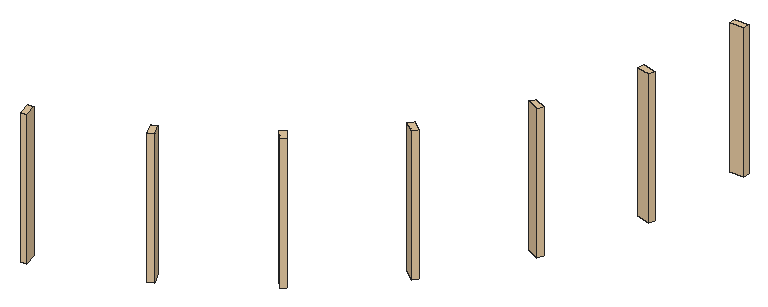
Revit family "Broken - WIP - Radius Stud Assembly", category Generic Models, Revit 2020
Family settings
  Can host rebar = No
  Round Connector Dimension = Use Diameter
  Part Type = Normal
  Work Plane-Based = No
  Always vertical = Yes
  Cut with Voids When Loaded = No
  Shared = No
  Room Calculation Point = No
Parameters
  part angle [instance] = 70.00°
  T_B Plate Depth [instance] = 0' - 1 1/8"
  Stud Radius Angle [instance] = 75.00°
  Stud Radius [instance] = 10' - 0"
  Stud Qty [instance] = 7
  Default Elevation = 0' - 0"
  Beam Height [instance] = 7' - 0"
Reference planes (in)
  plane 1 "Center (Front/Back)": y = 0
  plane 2: z = 0
  plane 3 "Center (Left/Right)": x = 0
  plane 4: x = 120
Dimensions and locks (in)
  "Stud Radius": plane 3 "Center (Left/Right)" to plane 4
  "Stud Radius Angle": angle radial array to radial array
  aligned and locked: plane 2 to level
  aligned and locked: plane 1 "Center (Front/Back)" to radial array
Nested families (in)
  nested 1: "WIP - Radius Stud" at (0, 0, 0) x (0.9659, 0.2588, 0) z (0, 0, 1), Stud Radius <- "Stud Radius", type "Radius Stud"
    with T_B Plate Depth 0' - 1", Stud Radius 10' - 0", Beam Height 3' - 0"
  nested 2: "WIP - Radius Stud Part" at (31.05829, -115.9111, 0) x (0.9659, 0.2588, 0) z (0, 0, 1), type "Radius Stud Part"
    with T_B Plate Depth 0' - 1", Stud Width 0' - 1 1/2", Stud Length 1' - 0", Stud Depth 0' - 3 1/2", Beam Height 3' - 0"
  nested 3: "WIP - Radius Stud" at (0, 0, 0) x (0, 1, 0) z (0, 0, 1), Stud Radius <- "Stud Radius", type "Radius Stud"
    with T_B Plate Depth 0' - 1", Stud Radius 10' - 0", Beam Height 3' - 0"
  nested 4: "WIP - Radius Stud Part" at (120, 0, 0) x (0, 1, 0) z (0, 0, 1), type "Radius Stud Part"
    with T_B Plate Depth 0' - 1", Stud Width 0' - 1 1/2", Stud Length 1' - 0", Stud Depth 0' - 3 1/2", Beam Height 3' - 0"
  nested 5: "WIP - Radius Stud" at (0, 0, 0) x (0.887, 0.4617, 0) z (0, 0, 1), Stud Radius <- "Stud Radius", type "Radius Stud"
    with T_B Plate Depth 0' - 1", Stud Radius 10' - 0", Beam Height 3' - 0"
  nested 6: "WIP - Radius Stud Part" at (55.40983, -106.4413, 0) x (0.887, 0.4617, 0) z (0, 0, 1), type "Radius Stud Part"
    with T_B Plate Depth 0' - 1", Stud Width 0' - 1 1/2", Stud Length 1' - 0", Stud Depth 0' - 3 1/2", Beam Height 3' - 0"
  nested 7: "WIP - Radius Stud" at (0, 0, 0) x (0.766, 0.6428, 0) z (0, 0, 1), Stud Radius <- "Stud Radius", type "Radius Stud"
    with T_B Plate Depth 0' - 1", Stud Radius 10' - 0", Beam Height 3' - 0"
  nested 8: "WIP - Radius Stud Part" at (77.13451, -91.92533, 0) x (0.766, 0.6428, 0) z (0, 0, 1), type "Radius Stud Part"
    with T_B Plate Depth 0' - 1", Stud Width 0' - 1 1/2", Stud Length 1' - 0", Stud Depth 0' - 3 1/2", Beam Height 3' - 0"
  nested 9: "WIP - Radius Stud" at (0, 0, 0) x (0.6088, 0.7934, 0) z (0, 0, 1), Stud Radius <- "Stud Radius", type "Radius Stud"
    with T_B Plate Depth 0' - 1", Stud Radius 10' - 0", Beam Height 3' - 0"
  nested 10: "WIP - Radius Stud Part" at (95.2024, -73.05137, 0) x (0.6088, 0.7934, 0) z (0, 0, 1), type "Radius Stud Part"
    with T_B Plate Depth 0' - 1", Stud Width 0' - 1 1/2", Stud Length 1' - 0", Stud Depth 0' - 3 1/2", Beam Height 3' - 0"
  nested 11: "WIP - Radius Stud" at (0, 0, 0) x (0.4226, 0.9063, 0) z (0, 0, 1), Stud Radius <- "Stud Radius", type "Radius Stud"
    with T_B Plate Depth 0' - 1", Stud Radius 10' - 0", Beam Height 3' - 0"
  nested 12: "WIP - Radius Stud Part" at (108.75693, -50.71419, 0) x (0.4226, 0.9063, 0) z (0, 0, 1), type "Radius Stud Part"
    with T_B Plate Depth 0' - 1", Stud Width 0' - 1 1/2", Stud Length 1' - 0", Stud Depth 0' - 3 1/2", Beam Height 3' - 0"
  nested 13: "WIP - Radius Stud" at (0, 0, 0) x (0.2164, 0.9763, 0) z (0, 0, 1), Stud Radius <- "Stud Radius", type "Radius Stud"
    with T_B Plate Depth 0' - 1", Stud Radius 10' - 0", Beam Height 3' - 0"
  nested 14: "WIP - Radius Stud Part" at (117.15552, -25.97275, 0) x (0.2164, 0.9763, 0) z (0, 0, 1), type "Radius Stud Part"
    with T_B Plate Depth 0' - 1", Stud Width 0' - 1 1/2", Stud Length 1' - 0", Stud Depth 0' - 3 1/2", Beam Height 3' - 0"
Definition of nested family "WIP - Radius Stud Part"
  Parameters (values of type "Radius Stud Part")
    T_B Plate Depth [instance] = 0' - 4"
    Stud Width [instance] = 0' - 1 1/2"
    Stud Length [instance] = 1' - 0"
    Stud Depth [instance] = 0' - 3 1/2"
    Default Elevation = 0' - 0"
    Beam Height [instance] = 3' - 0"
  Reference planes (in)
    plane 1 "Center (Front/Back)": y = 0
    plane 2: z = 0
    plane 3 "Center (Left/Right)": x = 0
    plane 4: z = 32
    plane 5: z = 4
    plane 6: z = 36
  Forms (in)
    Extrusion 1, solid
      sketch origin (0, 0, 0) x (1, 0, 0) y (0, 1, 0)
        loop
          line (-0.75, 1.75) -> (-0.75, -1.75) -> (0.75, -1.75) -> (0.75, 1.75) -> (-0.75, 1.75)
      from 4 to 32
  Dimensions and locks (in)
    equal spacing: Extrusion 1 sketch curve, plane 3 "Center (Left/Right)", Extrusion 1 sketch curve
    equal spacing: Extrusion 1 sketch curve, plane 1 "Center (Front/Back)", Extrusion 1 sketch curve
    "Stud Width": Extrusion 1 sketch curve to Extrusion 1 sketch curve
    "Stud Depth": Extrusion 1 sketch curve to Extrusion 1 sketch curve
    "T_B Plate Depth": plane 5 to plane 2
    "T_B Plate Depth": plane 6 to plane 4
    "Beam Height": plane 6 to plane 2
    aligned and locked: plane 2 to level
    aligned and locked: plane 4 to Extrusion 1
    aligned and locked: Extrusion 1 to plane 5
Definition of nested family "WIP - Radius Stud"
  Parameters (values of type "Radius Stud")
    T_B Plate Depth [instance] = 0' - 1"
    Stud Radius [instance] = 1' - 0"
    Default Elevation = 0' - 0"
    Beam Height [instance] = 3' - 0"
  Reference planes (in)
    plane 1 "Center (Front/Back)": y = 0
    plane 2: z = 0
    plane 3 "Center (Left/Right)": x = 0
  Dimensions and locks (in)
    "Stud Radius": nested 1 to plane 1 "Center (Front/Back)"
    aligned and locked: plane 2 to level
  Nested families (in)
    nested 1: "WIP - Radius Stud Part" at (0, -12, 0), Beam Height <- "Beam Height", T_B Plate Depth <- "T_B Plate Depth", type "Radius Stud Part"
      with T_B Plate Depth 0' - 1", Stud Width 0' - 1 1/2", Stud Length 1' - 0", Stud Depth 0' - 3 1/2", Beam Height 3' - 0"
  Definition of nested family "WIP - Radius Stud Part"
    Parameters (values of type "Radius Stud Part")
      T_B Plate Depth [instance] = 0' - 4"
      Stud Width [instance] = 0' - 1 1/2"
      Stud Length [instance] = 1' - 0"
      Stud Depth [instance] = 0' - 3 1/2"
      Default Elevation = 0' - 0"
      Beam Height [instance] = 3' - 0"
    Reference planes (in)
      plane 1 "Center (Front/Back)": y = 0
      plane 2: z = 0
      plane 3 "Center (Left/Right)": x = 0
      plane 4: z = 32
      plane 5: z = 4
      plane 6: z = 36
    Forms (in)
      Extrusion 1, solid
        sketch origin (0, 0, 0) x (1, 0, 0) y (0, 1, 0)
          loop
            line (-0.75, 1.75) -> (-0.75, -1.75) -> (0.75, -1.75) -> (0.75, 1.75) -> (-0.75, 1.75)
        from 4 to 32
    Dimensions and locks (in)
      equal spacing: Extrusion 1 sketch curve, plane 3 "Center (Left/Right)", Extrusion 1 sketch curve
      equal spacing: Extrusion 1 sketch curve, plane 1 "Center (Front/Back)", Extrusion 1 sketch curve
      "Stud Width": Extrusion 1 sketch curve to Extrusion 1 sketch curve
      "Stud Depth": Extrusion 1 sketch curve to Extrusion 1 sketch curve
      "T_B Plate Depth": plane 5 to plane 2
      "T_B Plate Depth": plane 6 to plane 4
      "Beam Height": plane 6 to plane 2
      aligned and locked: plane 2 to level
      aligned and locked: plane 4 to Extrusion 1
      aligned and locked: Extrusion 1 to plane 5
